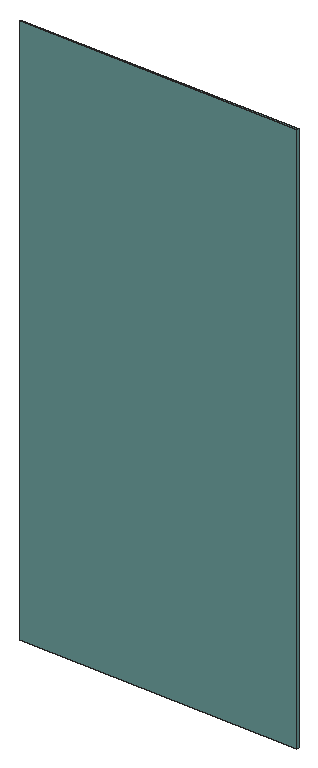
Revit family "Clarus_Wall2Wall_R18", category Furniture, host Face, Revit 2018
Family settings
  Host = Face
  Cut with Voids When Loaded = No
  Shared = No
  Room Calculation Point = No
Parameters (values of type "Create Your Own Sizes")
  Width Control = if(Width > 72", 72", Width)  # 36"
  Width = 36"
  URL = "https://www.clarus.com/"
  TRC Standards [instance] = "http://therevitcollection.com/news/trc-news-the-revit-collection-standards-explained/"
  Show Right Spacer [instance] = no
  Show Left Spacer [instance] = no
  Product URL = "https://www.clarus.com/wall2wall/"
  More Revit Families! [instance] = "www.therevitcollection.com"
  Modeled By = "Commense Studio"  # constant formula
  Model = "Wall 2 Wall"  # constant formula
  Manufacturer = "Clarus"  # constant formula
  Height to Bottom [instance] = 18"
  Height Control = if(Height > 144", 144", Height)  # 72"
  Clarus Glass [instance] = CBC-225 Awesome Aqua
  Description = "Wrap an office from floor to ceiling in beautiful Clarus Wall2Wall Glass to\r\ncreate the perfect space, or selectively integrate custom Clarus Glass into\r\nyour environment. Let your walls become your creativity canvas."  # constant formula
  Height = 72"
  Designer = ""
  Depth = 1/4"  # constant formula
  Default Elevation = 0"
  Channel Spacers [instance] = Clarus Gray
  Assembly Code = ""
Reference planes (in)
  plane 1 "Center (Front/Back)": y = 0
  plane 2: z = 0
  plane 3 "Center (Left/Right)": x = 0
  plane 4 "L": x = -18
  plane 5 "R": x = 18
  plane 6 "F": y = -0.3125
  plane 7: z = 90
  plane 8: z = 18
  plane 9: y = -0.0625
  plane 10: x = -18.0625
  plane 11: x = 18.0625
  plane 12: z = 17.9375
  plane 13: x = -18.4375
  plane 14: x = -17.625
  plane 15: x = 18.4375
  plane 16: x = 17.625
  plane 17: y = -0.1875
Forms (in)
  Extrusion 1, solid, material "CBC-225 Awesome Aqua" <- "Clarus Glass"
    sketch origin (0, 0, 0) x (1, 0, 0) y (0, 1, 0)
      loop
        line (-18, -0.3125) -> (18, -0.3125) -> (18, -0.0625) -> (-18, -0.0625) -> (-18, -0.3125)
    from 18 to 90
  Extrusion 2, solid, material "Clarus Gray" <- "Channel Spacers"
    sketch origin (0, 0, 0) x (0, 1, 0) y (0, 0, 1)
      loop
        line (0, 17.9375) -> (0, 18.6875) -> (-0.0625, 18.6875) -> (-0.0625, 18) -> (-0.1875, 18) -> (-0.1875, 17.9375) -> (0, 17.9375)
    from -17.625 to 17.625
  Extrusion 3, solid, material "Clarus Gray" <- "Channel Spacers", visible <- "Show Left Spacer"
    sketch origin (0, 0, 0) x (1, 0, 0) y (0, 1, 0)
      loop
        line (-18.4375, 0) -> (-18.4375, -0.0625) -> (-18.0625, -0.0625) -> (-18.0625, -0.1875) -> (-18, -0.1875) -> (-18, -0.0625) -> (-17.625, -0.0625) -> (-17.625, 0) -> (-18.4375, 0)
    from 17.9375 to 90
  Extrusion 4, solid, material "Clarus Gray" <- "Channel Spacers", visible <- "Show Right Spacer"
    sketch origin (0, 0, 0) x (-1, 0, 0) y (0, -1, 0)
      loop
        line (-18.4375, 0) -> (-17.625, 0) -> (-17.625, 0.0625) -> (-18, 0.0625) -> (-18, 0.1875) -> (-18.0625, 0.1875) -> (-18.0625, 0.0625) -> (-18.4375, 0.0625) -> (-18.4375, 0)
    from 17.9375 to 90
Dimensions and locks (in)
  equal spacing: plane 4 "L", plane 3 "Center (Left/Right)", plane 5 "R"
  "Width": plane 4 "L" to plane 5 "R"
  "Depth": plane 6 "F" to plane 9
  "Height": plane 7 to plane 8
  "Height to Bottom": plane 8 to level
  locked: plane 9 to plane 1 "Center (Front/Back)" at 0.0625
  locked: plane 10 to plane 4 "L" at 0.0625
  locked: plane 11 to plane 5 "R" at 0.0625
  locked: plane 8 to plane 12 at 0.0625
  locked: plane 13 to plane 10 at 0.375
  locked: plane 14 to plane 4 "L" at 0.375
  locked: plane 15 to plane 11 at 0.375
  locked: plane 16 to plane 5 "R" at 0.375
  locked: plane 6 "F" to plane 17 at 0.125
  aligned and locked: plane 2 to host face
  aligned and locked: level to host face
  aligned and locked: plane 7 to Extrusion 1
  aligned and locked: Extrusion 1 to plane 8
  aligned and locked: Extrusion 1 to plane 9
  aligned and locked: Extrusion 2 to plane 16
  aligned and locked: Extrusion 2 to plane 14
  aligned and locked: plane 7 to Extrusion 3
  aligned and locked: Extrusion 3 to plane 12
  aligned and locked: Extrusion 4 to plane 12
  aligned and locked: plane 7 to Extrusion 4
Automatic sketch dimensions
  host sketch curve to host sketch curve = 96"  (x2)
  Extrusion 1 sketch curve to plane 4 "L" = 0"
  Extrusion 1 sketch curve to plane 5 "R" = 0"
  plane 6 "F" to Extrusion 1 sketch curve = 0"
  plane 9 to Extrusion 1 sketch curve = 0"
  Extrusion 2 sketch curve to plane 12 = 0"
  Extrusion 2 sketch curve to plane 17 = 0"
  Extrusion 2 sketch curve to plane 8 = 0"
  Extrusion 2 sketch curve to plane 9 = 0"
  Extrusion 2 sketch curve to plane 1 "Center (Front/Back)" = 0"
  plane 8 to Extrusion 2 sketch curve = 11/16"
  plane 1 "Center (Front/Back)" to Extrusion 3 sketch curve = 0"
  Extrusion 3 sketch curve to plane 13 = 0"
  Extrusion 3 sketch curve to plane 10 = 0"
  Extrusion 3 sketch curve to plane 4 "L" = 0"
  Extrusion 3 sketch curve to plane 14 = 0"
  plane 17 to Extrusion 3 sketch curve = 0"
  plane 9 to Extrusion 3 sketch curve = 0"  (x2)
  plane 1 "Center (Front/Back)" to Extrusion 4 sketch curve = 0"
  Extrusion 4 sketch curve to plane 15 = 0"
  Extrusion 4 sketch curve to plane 11 = 0"
  Extrusion 4 sketch curve to plane 5 "R" = 0"
  Extrusion 4 sketch curve to plane 16 = 0"
  plane 17 to Extrusion 4 sketch curve = 0"
  plane 9 to Extrusion 4 sketch curve = 0"  (x2)
